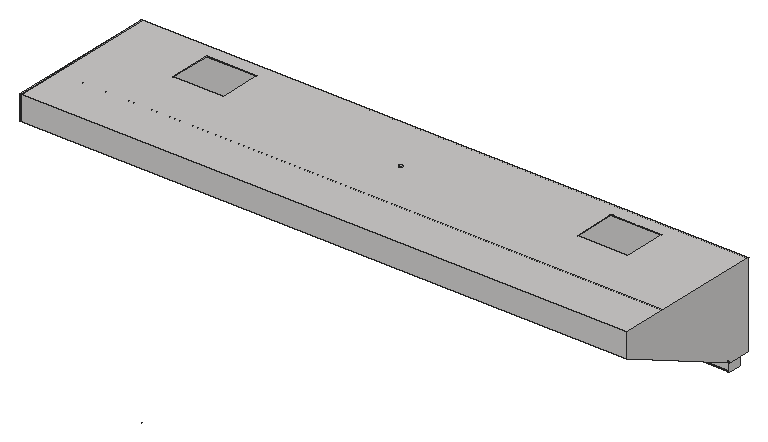
Revit family "QF_ELECTROLUXPROFESSIONAL_644210_AMPV936DT", category Attrezzature speciali, Revit 2021
Family settings
  Quota connettore circolare = Usa diametro
  Tipo di parte = Normale
  Basato su piano di lavoro = No
  Sempre verticale = Sì
  Taglio con vuoti quando caricato = No
  Condiviso = No
  Punto di calcolo locali = No
Parameters (values of type "Standard")
  Weight = 107.00 kg
  Watts = 840 W
  Volts = 220 V
  URL Manufacturer = "https://www.electroluxprofessional.com/"
  URL = "https://www.electroluxprofessional.com/"
  Steam Supply Size = 0 mm
  Steam Supply Minimum Pressure = 0.0 Pa
  Steam Supply Maximum Pressure = 0.0 Pa
  Steam Consumption per Hour = 0
  Refrigeration Suction Line Size = 0 mm
  Refrigeration Liquid Line Size = 0 mm
  Refrigerant Compressor Remote = yes
  Prospetto di default = 0 mm
  Produttore = "Electrolux Professional"
  Phase = 1
  Modello = "AMPV936DT"
  Length Actual = 3600 mm  # constant formula
  Item Number = "644210"
  Hot Water Size = 0 mm
  Height Actual = 500 mm  # constant formula
  HP = "1.1 HP"
  Gas Size = 0 mm
  Gas KW = 0
  Gas Input Pressure = 0 W
  Direct Waste Size = 0 mm
  Descrizione = "304 S/S WALL HOOD+FILTERS+FAN 3600X900MM"
  Depth Actual = 900 mm  # constant formula
  Cycle = 50 Hz
  Condensate Return Size = 0 mm
  Compressed Air Volume = 0.0 L/s
  Compressed Air Size = 0 mm
  Compressed Air Pressure = 0.0 Pa
  Cold Water Size = 0 mm
  Accessory = yes
Reference planes
  plane 1: z = 0
  plane 2 "Center (Left/Right)": x = 150
  plane 3 "LEFT": x = -1650
  plane 4 "RIGHT": x = 1950
  plane 5 "BACK": y = 550
  plane 6 "Plane": z = 2000
  plane 7 "TOP": z = 2140
  plane 8 "Base": z = 1640
  plane 9: z = 1566
  plane 10 "DrainY": y = 485
  plane 11: x = -1647
  plane 12: through (0, 414.509, 1640.8) normal (0, 0.7314, 0.682)
  plane 13: y = 470
  plane 14: y = 220
  plane 15 "DrainX": x = 1830
  plane 16: x = -900
  plane 17: x = 1200
  plane 18: x = -1200
  plane 19: x = 1500
  plane 20: x = 1947
  plane 21: x = 1740
  plane 22: x = 1920
  plane 23: x = -1610
  plane 24: x = -1245
  plane 25: x = -850
  plane 26: x = 1910
  plane 27: x = 1545
  plane 28: x = 1150
  plane 29: x = -47.5
  plane 30: x = 347.5
  plane 31: y = 100
  plane 32: y = -350
Forms (mm)
  Extrusion 1, solid, material "QF_Finishes_Stainless Steel"
    sketch origin (-1650, 0, 0) x (0, 1, 0) y (0, 0, 1)
      loop
        line (550, 1640) -> (550, 2140) -> (-350, 2140) -> (-350, 1999.112) -> (413.973, 1640) -> (550, 1640)
    from 0 to 3
  Extrusion 2, solid, material "QF_Finishes_Stainless Steel"
    sketch origin (150, 0, 0) x (0, 1, 0) y (0, 0, 1)
      loop
        line (415.255, 1640) -> (550, 1640) -> (550, 2139.19) -> (549.2, 2139.19) -> (549.2, 1640.8) -> (415.876, 1640.8) -> (339.347, 1722.867) -> (349.609, 1732.436) -> (348.927, 1733.167) -> (337.934, 1722.917) -> (415.255, 1640)
      loop
        line (-82.203, 2139.19) -> (-82.203, 2118.6) -> (-31.047, 2118.6) -> (34.354, 2048.466) -> (46.028, 2059.352) -> (45.346, 2060.083) -> (34.403, 2049.879) -> (-30.612, 2119.6) -> (-81.203, 2119.6) -> (-81.203, 2139.19) -> (-82.203, 2139.19)
    from -1797 to 1797
  Extrusion 3, solid, material "QF_Finishes_Stainless Steel"
    sketch origin (1950, 0, 0) x (0, 1, 0) y (0, 0, 1)
      loop
        line (550, 1640) -> (550, 2140) -> (-350, 2140) -> (-350, 1999.112) -> (413.973, 1640) -> (550, 1640)
    from 0 to -3
  Extrusion 4, solid, material "QF_Finishes_Stainless Steel"
    sketch origin (150, 0, 0) x (0, 1, 0) y (0, 0, 1)
      loop
        line (-350, 2140) -> (-350, 2000) -> (-349.2, 2000) -> (-349.2, 2139.19) -> (550, 2139.19) -> (550, 2140) -> (-350, 2140)
    from -1800 to 1800
  Extrusion 5, solid, material "QF_Finishes_Stainless Steel"
    sketch origin (150, 0, 0) x (0, 1, 0) y (0, 0, 1)
      loop
        line (534, 1640) -> (436, 1640) -> (436, 1627) -> (443.5, 1627) -> (443.5, 1576)
        arc (443.5, 1576) -> (446.429, 1568.929) -> (453.5, 1566) r 10
        line (453.5, 1566) -> (516.5, 1566)
        arc (516.5, 1566) -> (523.571, 1568.929) -> (526.5, 1576) r 10
        line (526.5, 1576) -> (526.5, 1627) -> (534, 1627) -> (534, 1640)
    from 1590 to 1770
  Extrusion 6, solid, material "QF_Finishes_Stainless Steel"
    sketch origin (0, 0, 1640) x (0, 1, 0) y (-1, 0, 0)
      loop
        circle (485, -1830) r 20
    from -76 to -74
  Extrusion 7, solid, material "QF_Finished_Chrome"
    sketch origin (150, 0, 0) x (0, 1, 0) y (0, 0, 1)
      loop
        line (337.934, 1722.917) -> (341.591, 1726.327) -> (38.011, 2051.876) -> (34.354, 2048.466) -> (337.934, 1722.917)
    from -1395 to -1760
  Extrusion 8, solid, material "QF_Finished_Chrome"
    sketch origin (150, 0, 0) x (0, 1, 0) y (0, 0, 1)
      loop
        line (337.934, 1722.917) -> (341.591, 1726.327) -> (38.011, 2051.876) -> (34.354, 2048.466) -> (337.934, 1722.917)
    from -197.5 to -1000
  Extrusion 9, solid, material "QF_Finishes_Stainless Steel"
    sketch origin (150, 0, 0) x (0, 1, 0) y (0, 0, 1)
      loop
        line (337.934, 1722.917) -> (341.591, 1726.327) -> (38.011, 2051.876) -> (34.354, 2048.466) -> (337.934, 1722.917)
    from 1797 to 1760
  Extrusion 10, solid, material "QF_Finishes_Stainless Steel"
    sketch origin (150, 0, 0) x (0, 1, 0) y (0, 0, 1)
      loop
        line (341.588, 1726.324) -> (38.009, 2051.874) -> (34.354, 2048.466) -> (337.934, 1722.917) -> (341.588, 1726.324)
    from -1395 to -1000
  Extrusion 11, solid, material "QF_Finished_Chrome"
    sketch origin (150, 0, 0) x (0, 1, 0) y (0, 0, 1)
      loop
        line (341.588, 1726.324) -> (38.009, 2051.874) -> (34.354, 2048.466) -> (337.934, 1722.917) -> (341.588, 1726.324)
    from 1395 to 1760
  Extrusion 12, void
    sketch origin (0, 0, 2140) x (0, 1, 0) y (-1, 0, 0)
      loop
        line (470, 1200) -> (220, 1200) -> (220, 900) -> (470, 900) -> (470, 1200)
    from 0 to -10
  Extrusion 13, void
    sketch origin (940, 0, 2140) x (0, 1, 0) y (-1, 0, 0)
      loop
        line (470, -260) -> (220, -260) -> (220, -560) -> (470, -560) -> (470, -260)
    from 0 to -10
  Extrusion 14, solid, material "QF_Finishes_Stainless Steel"
    sketch origin (0, 0, 0) x (1, 0, 0) y (0, 1, 0)
      loop
        line (-1650, 550) -> (-1650, 549) -> (-1649, 549) -> (-1649, 550) -> (-1650, 550)
    from 0 to 1
  Extrusion 15, solid, material "QF_Finishes_Stainless Steel"
    sketch origin (150, 0, 0) x (0, 1, 0) y (0, 0, 1)
      loop
        line (337.934, 1722.917) -> (341.591, 1726.327) -> (38.011, 2051.876) -> (34.354, 2048.466) -> (337.934, 1722.917)
    from -1760 to -1797
  Extrusion 16, solid, material "QF_Finishes_Stainless Steel"
    sketch origin (150, 0, 0) x (0, 1, 0) y (0, 0, -1)
      loop
        line (341.588, -1726.324) -> (337.934, -1722.917) -> (34.354, -2048.466) -> (38.009, -2051.874) -> (341.588, -1726.324)
    from -1395 to -1000
  Extrusion 17, solid, material "QF_Finished_Chrome"
    sketch origin (150, 0, 0) x (0, 1, 0) y (0, 0, 1)
      loop
        line (337.934, 1722.917) -> (341.591, 1726.327) -> (38.011, 2051.876) -> (34.354, 2048.466) -> (337.934, 1722.917)
    from 1000 to 197.5
  Extrusion 18, solid, material "QF_Finishes_Stainless Steel"
    sketch origin (150, 0, 0) x (0, 1, 0) y (0, 0, -1)
      loop
        line (341.588, -1726.324) -> (337.934, -1722.917) -> (34.354, -2048.466) -> (38.009, -2051.874) -> (341.588, -1726.324)
    from -197.5 to 197.5
  Extrusion 19, solid, material "QF_Finishes_Stainless Steel"
    sketch origin (0, 0, 2140) x (0, 1, 0) y (-1, 0, 0)
      loop
        circle (220, -150) r 10
    from 0 to 1.6
Cuts and joins
  Extrusion 12, Extrusion 13 cuts Extrusion 4
  joined: Extrusion 2, Extrusion 4
Lines and regions (mm)
  reference lines
    curve 1: line (150, 34.354, 2048.466) -> (150, 34.354, 1888.466)
  symbolic lines, style "SpecialityEquipment", detail levels coarse
    curve 2: line (1950, 550, 2140) -> (-1650, 550, 2140)
    curve 3: line (-1650, 550, 2140) -> (-1650, -350, 2140)
    curve 4: line (1950, -350, 2140) -> (1950, 550, 2140)
    curve 5: line (-1650, -350, 2140) -> (1950, -350, 2140)
    curve 6: line (-1200, 220, 2140) -> (-900, 220, 2140)
    curve 7: line (-1200, 470, 2140) -> (-1200, 220, 2140)
    curve 8: line (-900, 470, 2140) -> (-1200, 470, 2140)
    curve 9: line (-900, 220, 2140) -> (-900, 470, 2140)
    curve 10: line (1200, 470, 2140) -> (1200, 220, 2140)
    curve 11: line (1200, 220, 2140) -> (1500, 220, 2140)
    curve 12: line (1500, 470, 2140) -> (1200, 470, 2140)
    curve 13: line (1500, 220, 2140) -> (1500, 470, 2140)
  symbolic lines, detail levels coarse
    curve 14: line (-1650, -350, 0) -> (1950, 550, 0)
    curve 15: line (-1650, 550, 0) -> (1950, -350, 0)
Dimensions and locks
  plane 3 "LEFT" to plane 4 "RIGHT" = 3600 mm
  equal spacing: plane 3 "LEFT", plane 2 "Center (Left/Right)", plane 4 "RIGHT"
  locked: plane 6 "Plane" to level at 2000
  plane 7 "TOP" to plane 6 "Plane" = 140 mm
  locked: plane 7 "TOP" to plane 8 "Base" at 500
  plane 8 "Base" to plane 9 = 74 mm
  plane 5 "BACK" to plane 10 "DrainY" = 65 mm  (x2)
  plane 3 "LEFT" to plane 11 = 3 mm
  plane 5 "BACK" to plane 13 = 80 mm
  plane 13 to plane 14 = 250 mm  (x2)
  plane 15 "DrainX" to plane 4 "RIGHT" = 120 mm
  locked: plane 16 to plane 17 at 2100
  equal spacing: plane 16, plane 2 "Center (Left/Right)", plane 17
  plane 18 to plane 16 = 300 mm
  plane 17 to plane 19 = 300 mm
  plane 20 to plane 4 "RIGHT" = 3 mm
  locked: plane 21 to plane 15 "DrainX" at 90
  locked: plane 15 "DrainX" to plane 22 at 90
  plane 13 to plane 5 "BACK" = 80 mm
  locked: plane 3 "LEFT" to plane 23 at 40
  locked: plane 23 to plane 24 at 365
  locked: plane 24 to plane 25 at 395
  locked: plane 26 to plane 27 at 365
  locked: plane 27 to plane 28 at 395
  locked: plane 26 to plane 4 "RIGHT" at 40
  locked: plane 29 to plane 30 at 395
  equal spacing: plane 29, plane 2 "Center (Left/Right)", plane 30
  plane 25 to plane 29 = 802.5 mm
  plane 30 to plane 28 = 802.5 mm
  plane 5 "BACK" to plane 32 = 900 mm  (x2)
  equal spacing: plane 5 "BACK", plane 31, plane 32
  aligned and locked: level to plane 1
  aligned and locked: Extrusion 2 to Extrusion 1
  aligned and locked: Extrusion 2 to Extrusion 3
  aligned and locked: plane 4 "RIGHT" to Extrusion 4
  aligned and locked: Extrusion 4 to plane 3 "LEFT"
  aligned and locked: plane 20 to Extrusion 9
  aligned and locked: plane 18 to Extrusion 12
  aligned and locked: Extrusion 12 to plane 16
  aligned and locked: Extrusion 12 to plane 14
  aligned and locked: Extrusion 12 to plane 13
  aligned and locked: Extrusion 13 to plane 19
  aligned and locked: plane 17 to Extrusion 13
  aligned and locked: Extrusion 2 to Extrusion 4
  aligned and locked: plane 22 to Extrusion 5
  aligned and locked: Extrusion 5 to plane 21
  aligned and locked: Extrusion 9 to plane 26
  aligned and locked: Extrusion 11 to plane 26
  aligned and locked: Extrusion 11 to plane 27
  aligned and locked: Extrusion 8 to plane 25
  aligned and locked: plane 25 to Extrusion 10
  aligned and locked: Extrusion 10 to plane 24
  aligned and locked: plane 24 to Extrusion 7
  aligned and locked: Extrusion 7 to plane 23
  aligned and locked: Extrusion 15 to plane 11
  aligned and locked: plane 23 to Extrusion 15
  aligned and locked: Extrusion 16 to plane 28
  aligned and locked: Extrusion 16 to plane 27
  aligned and locked: Extrusion 3 to plane 20
  aligned and locked: plane 29 to Extrusion 8
  aligned and locked: Extrusion 17 to plane 28
  aligned and locked: Extrusion 17 to plane 30
  aligned and locked: plane 30 to Extrusion 18
  aligned and locked: Extrusion 18 to plane 29
Automatic sketch dimensions
  curve 5 to plane 3 "LEFT" = 0 mm
  curve 9 to plane 14 = 0 mm
  curve 10 to plane 14 = 0 mm
  plane 13 to curve 8 = 0 mm
  plane 13 to curve 12 = 0 mm
  curve 3 to plane 5 "BACK" = 0 mm
  curve 5 to plane 4 "RIGHT" = 0 mm
  curve 11 to plane 19 = 0 mm
  curve 10 to plane 17 = 0 mm
  curve 6 to plane 16 = 0 mm
  curve 6 to plane 18 = 0 mm
  Extrusion 2 sketch curve to plane 12 = 0 mm  (x3)
  Extrusion 2 sketch curve to plane 8 "Base" = 0 mm
  plane 12 to Extrusion 2 sketch curve = 0 mm
  Extrusion 2 sketch curve to plane 5 "BACK" = 0 mm
  Extrusion 2 sketch curve to Extrusion 2 sketch curve = 65.646 mm
  Extrusion 2 sketch curve to Extrusion 2 sketch curve = 0.682 mm  (x2)
  Extrusion 2 sketch curve to Extrusion 2 sketch curve = 10.261 mm
  plane 8 "Base" to Extrusion 2 sketch curve = 82.917 mm
  Extrusion 2 sketch curve to Extrusion 2 sketch curve = 10.942 mm
  Extrusion 2 sketch curve to Extrusion 2 sketch curve = 0.049 mm
  Extrusion 2 sketch curve to plane 7 "TOP" = 20.4 mm
  Extrusion 2 sketch curve to plane 7 "TOP" = 21.4 mm
  Extrusion 2 sketch curve to plane 7 "TOP" = 0.81 mm  (x2)
  Extrusion 2 sketch curve to Extrusion 2 sketch curve = 50.156 mm
  Extrusion 2 sketch curve to Extrusion 2 sketch curve = 1 mm
  plane 8 "Base" to Extrusion 2 sketch curve = 0.8 mm
  Extrusion 2 sketch curve to plane 5 "BACK" = 0.8 mm
  Extrusion 3 sketch curve to plane 8 "Base" = 0 mm
  Extrusion 3 sketch curve to plane 5 "BACK" = 0 mm
  Extrusion 3 sketch curve to plane 7 "TOP" = 0 mm
  plane 13 to Extrusion 3 sketch curve = 56.027 mm
  Extrusion 4 sketch curve to plane 6 "Plane" = 0 mm
  Extrusion 4 sketch curve to plane 5 "BACK" = 0 mm
  Extrusion 4 sketch curve to plane 7 "TOP" = 0 mm
  Extrusion 4 sketch curve to plane 7 "TOP" = 0.81 mm
  curve 1 to plane 12 = 0 mm
  curve 1 to plane 6 "Plane" = 111.534 mm
  Extrusion 5 sketch curve to plane 8 "Base" = 0 mm
  Extrusion 5 sketch curve to plane 9 = 0 mm
  Extrusion 5 sketch curve to plane 8 "Base" = 13 mm  (x2)
  plane 13 to Extrusion 5 sketch curve = 34 mm
  Extrusion 5 sketch curve to Extrusion 5 sketch curve = 7.5 mm  (x2)
  Extrusion 5 sketch curve to Extrusion 5 sketch curve = 10 mm
  plane 10 "DrainY" to Extrusion 5 sketch curve = 31.5 mm
  Extrusion 5 sketch curve to plane 5 "BACK" = 23.5 mm
  Extrusion 6 sketch curve to plane 10 "DrainY" = 0 mm
  Extrusion 6 sketch curve to plane 15 "DrainX" = 0 mm
  Extrusion 7 sketch curve to plane 12 = 0 mm  (x2)
  Extrusion 7 sketch curve to Extrusion 7 sketch curve = 3.657 mm
  plane 8 "Base" to Extrusion 7 sketch curve = 82.917 mm
  Extrusion 8 sketch curve to plane 12 = 0 mm  (x2)
  Extrusion 8 sketch curve to Extrusion 8 sketch curve = 3.657 mm
  plane 8 "Base" to Extrusion 8 sketch curve = 82.917 mm
  Extrusion 9 sketch curve to plane 12 = 0 mm  (x2)
  Extrusion 9 sketch curve to Extrusion 9 sketch curve = 3.657 mm
  plane 8 "Base" to Extrusion 9 sketch curve = 82.917 mm
  Extrusion 10 sketch curve to plane 12 = 0 mm  (x2)
  Extrusion 10 sketch curve to Extrusion 10 sketch curve = 3.655 mm
  plane 8 "Base" to Extrusion 10 sketch curve = 82.917 mm
  Extrusion 11 sketch curve to plane 12 = 0 mm  (x2)
  Extrusion 11 sketch curve to Extrusion 11 sketch curve = 3.655 mm
  plane 8 "Base" to Extrusion 11 sketch curve = 82.917 mm
  Extrusion 12 sketch curve to plane 14 = 0 mm
  plane 13 to Extrusion 12 sketch curve = 0 mm
  Extrusion 12 sketch curve to plane 16 = 0 mm
  Extrusion 12 sketch curve to plane 18 = 0 mm
  Extrusion 13 sketch curve to plane 14 = 0 mm
  plane 13 to Extrusion 13 sketch curve = 0 mm
  Extrusion 13 sketch curve to plane 19 = 0 mm
  Extrusion 13 sketch curve to plane 17 = 0 mm
  Extrusion 14 sketch curve to plane 3 "LEFT" = 0 mm
  Extrusion 14 sketch curve to plane 5 "BACK" = 0 mm
  plane 3 "LEFT" to Extrusion 14 sketch curve = 1 mm
  Extrusion 14 sketch curve to Extrusion 14 sketch curve = 1 mm
  Extrusion 15 sketch curve to plane 12 = 0 mm  (x2)
  Extrusion 15 sketch curve to Extrusion 15 sketch curve = 3.657 mm
  plane 8 "Base" to Extrusion 15 sketch curve = 82.917 mm
  Extrusion 16 sketch curve to plane 12 = 0 mm  (x2)
  Extrusion 16 sketch curve to Extrusion 16 sketch curve = 3.655 mm
  plane 8 "Base" to Extrusion 16 sketch curve = 82.917 mm
  Extrusion 17 sketch curve to plane 12 = 0 mm  (x2)
  Extrusion 17 sketch curve to Extrusion 17 sketch curve = 3.657 mm
  plane 8 "Base" to Extrusion 17 sketch curve = 82.917 mm
  Extrusion 18 sketch curve to plane 12 = 0 mm  (x2)
  Extrusion 18 sketch curve to Extrusion 18 sketch curve = 3.655 mm
  plane 8 "Base" to Extrusion 18 sketch curve = 82.917 mm
  Extrusion 4 sketch curve to Extrusion 4 sketch curve = 0.8 mm
  curve 5 to plane 14 = 570 mm
  plane 6 "Plane" to Extrusion 2 sketch curve = 48.466 mm
  Extrusion 4 sketch curve to plane 14 = 569.2 mm
  curve 1 to plane 14 = 185.646 mm
  plane 6 "Plane" to Extrusion 7 sketch curve = 51.876 mm
  plane 6 "Plane" to Extrusion 8 sketch curve = 51.876 mm
  plane 6 "Plane" to Extrusion 9 sketch curve = 51.876 mm
  plane 6 "Plane" to Extrusion 10 sketch curve = 51.874 mm
  plane 6 "Plane" to Extrusion 11 sketch curve = 51.874 mm
  plane 6 "Plane" to Extrusion 15 sketch curve = 51.876 mm
  plane 6 "Plane" to Extrusion 16 sketch curve = 51.874 mm
  plane 6 "Plane" to Extrusion 17 sketch curve = 51.876 mm
  plane 6 "Plane" to Extrusion 18 sketch curve = 51.874 mm
  Extrusion 1 sketch curve to plane 32 = 0 mm
  Extrusion 1 sketch curve to plane 8 "Base" = 0 mm
  Extrusion 1 sketch curve to plane 5 "BACK" = 0 mm
  Extrusion 1 sketch curve to plane 7 "TOP" = 0 mm
  plane 13 to Extrusion 1 sketch curve = 56.027 mm
  Extrusion 1 sketch curve to plane 6 "Plane" = 0.888 mm
  Extrusion 3 sketch curve to plane 32 = 0 mm
  Extrusion 3 sketch curve to plane 6 "Plane" = 0.888 mm
  curve 15 to plane 3 "LEFT" = 0 mm
  curve 14 to plane 3 "LEFT" = 0 mm
  curve 15 to plane 4 "RIGHT" = 0 mm
  curve 14 to plane 4 "RIGHT" = 0 mm
  curve 15 to plane 32 = 0 mm
  curve 14 to plane 32 = 0 mm
  curve 15 to plane 5 "BACK" = 0 mm
  curve 14 to plane 5 "BACK" = 0 mm
  Extrusion 19 sketch curve to plane 2 "Center (Left/Right)" = 0 mm
  Extrusion 19 sketch curve to plane 14 = 0 mm
  radius of Extrusion 6 sketch curve = 20 mm
  radius of Extrusion 19 sketch curve = 10 mm
Connectors
  piping at (1830, 485, 1564), diameter 20
    settings: on Extrusion 6, index 1, connector inside diameter 609.6 mm, connector length 0 mm, flow factor 0, pipe flow 0.0 L/s, pressure drop 0.0 Pa, fitting loss kfactor 0, connector angle 0.00°, fixture units 0, engagement length 0 mm, angle of deflection 0.00°, flow configuration 1, flow direction 2, fitting loss method 0, system type 16, joint type 0, gender type 0, connector reference index -1, connector utility 0, adjustable connector no, is connector primary yes, connector description "Drain"
  hvac at (-1050, 345, 2140)
    settings: on Extrusion 12, index 2, duct flow 0.0 L/s, flow factor 0, pres drop 0.0 Pa, loss coef 0, conn angle 0.00°, conn width 250 mm, conn height 300 mm, conn diameter 609.6 mm, duct sys type 3, conn prof type 1, flow config 1, flow direction 2, loss method 0, conn ref index -1, conn util no, is conn primary yes, conn desc "EXHAUST OUTLET"
  hvac at (1350, 345, 2140)
    settings: on Extrusion 13, index 3, duct flow 0.0 L/s, flow factor 0, pres drop 0.0 Pa, loss coef 0, conn angle 0.00°, conn width 250 mm, conn height 300 mm, conn diameter 609.6 mm, duct sys type 3, conn prof type 1, flow config 1, flow direction 2, loss method 0, conn ref index -1, conn util no, is conn primary no, conn desc "EXHAUST OUTLET"
  electrical at (150, 220, 2141.6), driven by "Volts"
    settings: on Extrusion 19, index 4, voltage 220 V, apparent load 0 VA, apparent load phase1 0 VA, apparent load phase2 0 VA, apparent load phase3 0 VA, power factor 1, load classification "Other", number of poles 1, system type 30, power factor state 1, is connector primary yes, connector utility no, sub classification motor no, connector description "Electrical Connection"
